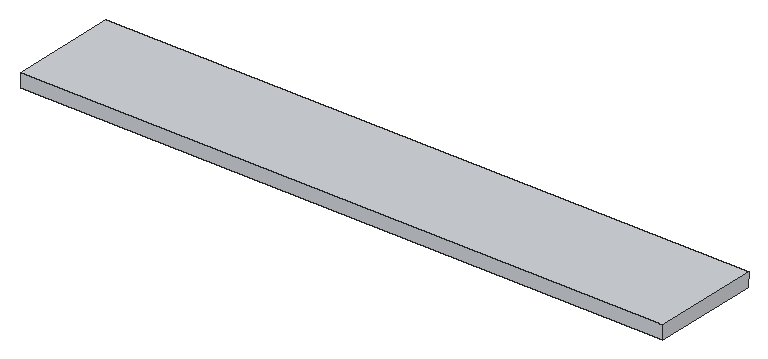
Revit family ".865-GID", category Plumbing Fixtures, Revit 2014 (continued)
Automatic sketch dimensions
  curve 33 to curve 48 = 0.00998"
  curve 165 to curve 180 = 0.00998"
  curve 253 to curve 268 = 0.00998"
  curve 209 to curve 224 = 0.00998"
  curve 77 to curve 92 = 0.00998"
  curve 121 to curve 136 = 0.00998"
  curve 137 to curve 137 = 0.0899"
  curve 225 to curve 225 = 0.0899"
  curve 181 to curve 181 = 0.0899"
  curve 269 to curve 269 = 0.0899"
  curve 93 to curve 93 = 0.0899"
  curve 49 to curve 49 = 0.0899"
  curve 93 to curve 73 = 0.07907"
  curve 181 to curve 161 = 0.07907"
  curve 137 to curve 117 = 0.07907"
  curve 49 to curve 29 = 0.07907"
  curve 269 to curve 249 = 0.07907"
  curve 225 to curve 205 = 0.07907"
  curve 287 to curve 287 = 0.10975"
  curve 243 to curve 243 = 0.10975"
  curve 111 to curve 111 = 0.10975"
  curve 199 to curve 199 = 0.10975"
  curve 155 to curve 155 = 0.10975"
  curve 67 to curve 67 = 0.10975"
  curve 115 to curve 115 = 0.10953"
  curve 159 to curve 159 = 0.10953"
  curve 247 to curve 247 = 0.10953"
  curve 203 to curve 203 = 0.10953"
  curve 71 to curve 71 = 0.10953"
  curve 291 to curve 291 = 0.10953"
  curve 244 to curve 244 = 0.11357"
  curve 68 to curve 68 = 0.11357"
  curve 112 to curve 112 = 0.11357"
  curve 200 to curve 200 = 0.11357"
  curve 156 to curve 156 = 0.11357"
  curve 288 to curve 288 = 0.11357"
  curve 51 to curve 51 = 0.0899"
  curve 51 to curve 30 = 0.00371"
  curve 288 to curve 280 = 0.06129"
  curve 244 to curve 236 = 0.06129"
  curve 200 to curve 192 = 0.06129"
  curve 156 to curve 148 = 0.06129"
  curve 112 to curve 104 = 0.06129"
  curve 68 to curve 60 = 0.06129"
  curve 289 to curve 275 = 0.07813"
  curve 69 to curve 55 = 0.07813"
  curve 201 to curve 187 = 0.07813"
  curve 113 to curve 99 = 0.07813"
  curve 245 to curve 231 = 0.07813"
  curve 157 to curve 143 = 0.07813"
  curve 68 to curve 68 = 0.08652"
  curve 156 to curve 156 = 0.08652"
  curve 244 to curve 244 = 0.08652"
  curve 288 to curve 288 = 0.08652"
  curve 112 to curve 112 = 0.08652"
  curve 200 to curve 200 = 0.08652"
  curve 183 to curve 183 = 0.09091"
  curve 95 to curve 95 = 0.09091"
  curve 227 to curve 227 = 0.09091"
  curve 51 to curve 51 = 0.09091"
  curve 271 to curve 271 = 0.09091"
  curve 139 to curve 139 = 0.09091"
  curve 275 to curve 289 = 0.00805"
  curve 55 to curve 69 = 0.00805"
  curve 114 to curve 97 = 0.081"
  curve 187 to curve 201 = 0.00805"
  curve 143 to curve 157 = 0.00805"
  curve 231 to curve 245 = 0.00805"
  curve 202 to curve 185 = 0.081"
  curve 158 to curve 141 = 0.081"
  curve 99 to curve 113 = 0.00805"
  curve 290 to curve 273 = 0.081"
  curve 70 to curve 53 = 0.081"
  curve 246 to curve 229 = 0.081"
  curve 139 to curve 119 = 0.00804"
  curve 95 to curve 75 = 0.00804"
  curve 183 to curve 163 = 0.00804"
  curve 51 to curve 31 = 0.00804"
  curve 227 to curve 207 = 0.00804"
  curve 271 to curve 251 = 0.00804"
  curve 112 to curve 105 = 0.03678"
  curve 156 to curve 149 = 0.03678"
  curve 244 to curve 237 = 0.03678"
  curve 200 to curve 193 = 0.03678"
  curve 68 to curve 61 = 0.03678"
  curve 288 to curve 281 = 0.03678"
  curve 51 to curve 51 = 0.08619"
  curve 51 to curve 31 = 0.00753"
  curve 53 to curve 70 = 0.07907"
  curve 69 to curve 55 = 0.00998"
  curve 39 to curve 35 = 0.00551"
  curve 61 to curve 68 = 0.02565"
  curve 33 to curve 36 = 0.00098"
  curve 37 to curve 29 = 0.07907"
  curve 57 to curve 61 = 0.00562"
  curve 58 to curve 55 = 0.00094"
  curve 83 to curve 91 = 0.03678"
  curve 92 to curve 77 = 0.00805"
  curve 95 to curve 75 = 0.00753"
  curve 97 to curve 114 = 0.07907"
  curve 113 to curve 99 = 0.00998"
  curve 83 to curve 79 = 0.00551"
  curve 105 to curve 112 = 0.02565"
  curve 77 to curve 80 = 0.00098"
  curve 81 to curve 73 = 0.07907"
  curve 89 to curve 89 = 0.0899"
  curve 101 to curve 105 = 0.00562"
  curve 102 to curve 99 = 0.00094"
  curve 127 to curve 135 = 0.03678"
  curve 136 to curve 121 = 0.00805"
  curve 139 to curve 119 = 0.00753"
  curve 141 to curve 158 = 0.07907"
  curve 157 to curve 143 = 0.00998"
  curve 127 to curve 123 = 0.00551"
  curve 149 to curve 156 = 0.02565"
  curve 121 to curve 124 = 0.00098"
  curve 125 to curve 117 = 0.07907"
  curve 133 to curve 133 = 0.0899"
  curve 146 to curve 143 = 0.00094"
  curve 145 to curve 149 = 0.00562"
  curve 171 to curve 179 = 0.03678"
  curve 180 to curve 165 = 0.00805"
  curve 183 to curve 163 = 0.00753"
  curve 185 to curve 202 = 0.07907"
  curve 201 to curve 187 = 0.00998"
  curve 171 to curve 167 = 0.00551"
  curve 193 to curve 200 = 0.02565"
  curve 165 to curve 168 = 0.00098"
  curve 169 to curve 161 = 0.07907"
  curve 177 to curve 177 = 0.0899"
  curve 189 to curve 193 = 0.00562"
  curve 190 to curve 187 = 0.00094"
  curve 215 to curve 223 = 0.03678"
  curve 224 to curve 209 = 0.00805"
  curve 227 to curve 207 = 0.00753"
  curve 229 to curve 246 = 0.07907"
  curve 245 to curve 231 = 0.00998"
  curve 215 to curve 211 = 0.00551"
  curve 237 to curve 244 = 0.02565"
  curve 209 to curve 212 = 0.00098"
  curve 213 to curve 205 = 0.07907"
  curve 221 to curve 221 = 0.0899"
  curve 234 to curve 231 = 0.00094"
  curve 233 to curve 237 = 0.00562"
  curve 259 to curve 267 = 0.03678"
  curve 268 to curve 253 = 0.00805"
  curve 271 to curve 251 = 0.00753"
  curve 273 to curve 290 = 0.07907"
  curve 289 to curve 275 = 0.00998"
  curve 259 to curve 255 = 0.00551"
  curve 281 to curve 288 = 0.02565"
  curve 253 to curve 256 = 0.00098"
  curve 257 to curve 249 = 0.07907"
  curve 265 to curve 265 = 0.0899"
  Extrusion 1 sketch curve to plane 7 = 0.00"
  Extrusion 1 sketch curve to level = 0.00"
  Extrusion 1 sketch curve to plane 6 = 0.00"
  Extrusion 1 sketch curve to plane 6 = 0.02619"
  level to Extrusion 1 sketch curve = 0.75"
  Extrusion 1 sketch curve to plane 7 = 0.02619"
  radius of curve 25 = 0.30"
  radius of curve 26 = 0.30"
  radius of curve 27 = 0.30"
